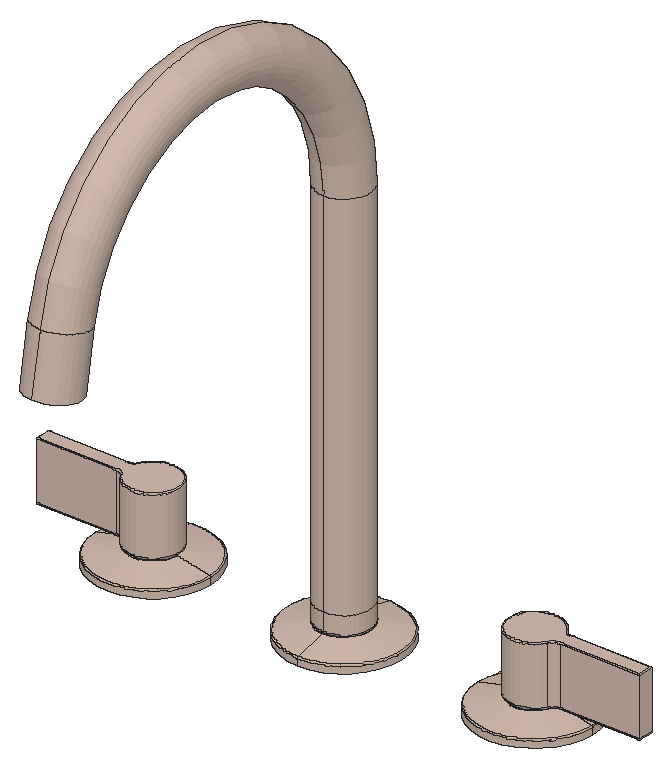
Revit family "Faucet-Deck_Mount-Bath-KOHLER-COMPONENTS-K-24711T", category Plumbing Fixtures, host Face, Revit 2017
Family settings
  Host = Face
  Round Connector Dimension = Use Diameter
  Part Type = Normal
  OmniClass Number = 23.31.11.00
  OmniClass Title = Faucets
  Cut with Voids When Loaded = No
  Shared = No
  Room Calculation Point = No
Parameters (values of type "3RS-Polished_Nickel")
  WaterSense Certified = 1 = 0  # no
  Waste Water Outlet = "Waste Water Outlet"  # constant formula
  Waste Connection = 1 = 0  # no
  Vent Connection = 1 = 0  # no
  URL = "http://www.kohler.com.cn/"
  Type = 1
  Spout Reach = 7.51969"  # constant formula
  Product Page URL = "https://www.kohler.com.cn/product/K-24711T-4-3RS/K-24711T-4-3RS/"
  Product Name = "COMPONENTS"  # constant formula
  Product Documentation Link = "https://files.kohler.com.cn/pdfs/1571989108559_1343641-2-A(24711T-4).pdf"
  Pressure = 0.00 psi
  Model = if(Type = 1, "K-24711T-3RS", if(Type = 2, "K-24711T-3TR", if(Type = 3, "K-24711T-3GC", "NA")))  # "K-24711T-3RS"
  Material = "Premium Metal Construction"  # constant formula
  Master Format 2014 Name = "Residential Faucets, Supplies, and Trim"  # constant formula
  Master Format 2014 = "22 41 39"  # constant formula
  Manufacturer Address = "Kohler Beijing Office (100016) 36-2-03-B, No. 88, Liuxiang Road, Beijing"  # constant formula
  Manufacturer = "KOHLER Co."  # constant formula
  Length = Spout Reach  # 7.51969"
  Hot Water Inlet = "Hot Water Inlet"  # constant formula
  Height = 12.57874"  # constant formula
  Handle Clearance = 2.28346"  # constant formula
  HW Connection = 1 = 1  # yes
  Flow Rate = 0 GPM
  Finish = Kohler-Metal-3RS-Vibrant_Ombre_Rose_Gold/Polished_Nickel
  Width [instance] = Faucet Hole Spacing  # 7.87402"
  Faucet Hole Spacing [instance] = 7.87402"
  Environmental Product Declaration = ""
  Drain Included = 1 = 0  # no
  Description = if(Type = 1, "Color magic color double-handle bathtub faucet (platinum spout)", if(Type = 2, "Color phantom color double-handle bathtub faucet (majestic silver spout)", "Painted double-handle bathtub faucet"))  # "Color magic color double-handle bathtub faucet (platinum spout)"
  Default Elevation = 36"
  Declare Label = ""
  Date Modified = "01/18/2021"  # constant formula
  Date Created = "01/18/2021"  # constant formula
  Copyright = "Copyright KOHLER Co."  # constant formula
  Contact Us = "http://www.kohler.com.cn/contact/contact-us/"
  Cold Water Inlet = "Cold Water Inlet"  # constant formula
  CW Connection = 1 = 1  # yes
  Assembly Code = "D2010"
  ADA Compliant = 1 = 0  # no
Types (4): name | Type | Product Page URL | Model | Finish | Width | Faucet Hole Spacing | Description
  (no name) | 1 | "https://www.kohler.com.cn/product/K-24711T-4-3RS/K-24711T-4-3RS/" | "K-24711T-3RS" | Kohler-Metal-3RS-Vibrant_Ombre_Rose_Gold/Polished_Nickel | 7.87402" | 7.87402" | "Color magic color double-handle bathtub faucet (platinum spout)"
  3TR-Rose Gold | 2 | "https://www.kohler.com.cn/product/K-24711T-4-3RS/K-24711T-4-3TR/" | "K-24711T-3TR" | Kohler-Metal-3TR-Vibrant_Ombre_Titanium/Rose_Gold | 15 191/256" | 15 191/256" | "Color phantom color double-handle bathtub faucet (majestic silver spout)"
  3RS-Polished_Nickel | 1 | "https://www.kohler.com.cn/product/K-24711T-4-3RS/K-24711T-4-3RS/" | "K-24711T-3RS" | Kohler-Metal-3RS-Vibrant_Ombre_Rose_Gold/Polished_Nickel | 7.87402" | 7.87402" | "Color magic color double-handle bathtub faucet (platinum spout)"
  3GC-Black_Gold | 3 | "https://www.kohler.com.cn/product/K-24711T-4-3RS/K-24711T-4-3GC/" | "K-24711T-3GC" | Kohler-Metal-3GC-Black_Gold | 15 191/256" | 15 191/256" | "Painted double-handle bathtub faucet"
Reference planes (in)
  plane 1 "Center (Front/Back)": y = 0
  plane 2: z = 0
  plane 3 "Center (Left/Right)": x = 0
  plane 4: x = -3.9370079
  plane 5: x = 3.9370079
  plane 6: x = -1.1811024
  plane 7: x = 1.1811024
  plane 8: z = 0.3138984
  plane 9: x = -2.7559055
  plane 10: x = -5.1181102
  plane 11: x = 2.7559055
  plane 12: x = 5.1181102
  plane 13: x = -6.2204724
  plane 14: x = 6.2204724
  plane 15: z = 7.8346457
  plane 16: y = -7.519685
  plane 17: z = 1.5748031
  plane 18: z = 12.5787402
Dimensions and locks (in)
  equal spacing: plane 4, plane 3 "Center (Left/Right)", plane 5
  "Faucet Hole Spacing": plane 4 to plane 5
  equal spacing: plane 9, plane 4, plane 10
  locked: plane 9 to plane 10 at 2.3622047
  equal spacing: plane 11, plane 5, plane 12
  locked: plane 11 to plane 12 at 2.3622047
  "Handle Clearance": plane 13 to plane 4
  "Handle Clearance": plane 14 to plane 5
  "Height": plane 18 to plane 2
  "Spout Reach": plane 1 "Center (Front/Back)" to plane 16
  locked: plane 15 to plane 2 at 7.8346457
  locked: plane 17 to plane 2 at 1.5748031
  aligned and locked: plane 2 to host face
  aligned and locked: level to host face
  aligned and locked: nested 2 to plane 4
  aligned and locked: plane 5 to nested 3
Automatic sketch dimensions
  host sketch curve to host sketch curve = 96"  (x2)
Nested families (in)
  nested 1: "K-24711T_Spout" at (0, 0, 0), type "K-24711T_Spout"
  nested 2: "K-24711T_Handle" at (-3.9370079, 0, 0), type "K-24711T_Handle"
  nested 3: "K-24711T_Handle" at (3.9370079, 0, 0) x (-1, 0, 0) z (0, 0, 1), type "K-24711T_Handle"
Connectors (in)
  piping at (3.9370079, 0, 0), diameter 0.5, driven by "CW Connection", driven by "Cold Water Inlet"
    settings: on nested 3, index 1, connector inside diameter 24", connector length 0", flow factor 0, pipe flow 0 GPM, pressure drop 0.00 psi, fitting loss kfactor 0, connector angle 0.00°, fixture units 0, engagement length 0", angle of deflection 0.00°, flow configuration 0, flow direction 1, fitting loss method 0, system type 20, joint type 0, gender type 0, connector reference index -1, connector utility 1, adjustable connector no, is connector primary yes, connector description "Cold Water Inlet"
  piping at (-3.9370079, 0, 0), diameter 0.5, driven by "HW Connection", driven by "Hot Water Inlet"
    settings: on nested 2, index 2, connector inside diameter 24", connector length 0", flow factor 0, pipe flow 0 GPM, pressure drop 0.00 psi, fitting loss kfactor 0, connector angle 0.00°, fixture units 0, engagement length 0", angle of deflection 0.00°, flow configuration 0, flow direction 1, fitting loss method 0, system type 19, joint type 0, gender type 0, connector reference index -1, connector utility 1, adjustable connector no, is connector primary no, connector description "Hot Water Inlet"
Definition of nested family "K-24711T_Spout"
  Parameters (values of type "K-24711T_Spout")
    Material = none
  Reference planes (in)
    plane 1 "Center (Front/Back)": y = 0
    plane 2: z = 0
    plane 3 "Center (Left/Right)": x = 0
    plane 4: y = 1.1811024
    plane 5: y = -1.1811024
    plane 6: z = 12.0472441
    plane 7: y = -7.519685
    plane 8: z = 7.8346457
    plane 9: x = -1.1811024
    plane 10: x = 1.1811024
    plane 11: x = -0.5314961
    plane 12: x = 0.5314961
    plane 13: y = 0.5321162
    plane 14: y = -0.5321162
    plane 15: z = 12.5787402
    plane 16: z = 11.515748
    plane 17: y = -8.0349735
    plane 18: z = 0.1612846
    plane 19: z = 0.3138984
  Forms (in)
    Revolve 1, solid, material <- "Material", detail levels medium+fine
      sketch origin (0, 0, 0) x (0, 1, 0) y (0, 0, 1)
        loop
          line (1.1875, 0) -> (1.1875, 0.1333569)
          arc (1.1875, 0.1333569) -> (1.1813079, 0.1511627) -> (1.1654039, 0.1612846) r 0.0286973
          line (1.1654039, 0.1612846) -> (0.5414004, 0.3087789)
          arc (0.5414004, 0.3087789) -> (0.5260261, 0.3118648) -> (0.5104777, 0.3138984) r 0.2305218
          arc (0.5104777, 0.3138984) -> (0.5258376, 0.320892) -> (0.5321162, 0.3365578) r 0.0226834
          line (0.5321162, 0.3365578) -> (0.5321162, 0.7029451) -> (0, 0.7029451) -> (0, 0) -> (1.1875, 0)
        axis (0, 0) -> (0, 0.7029451)
      angle from 0 to 360
    Sweep 2, solid, material <- "Material", detail levels medium+fine
      path origin (0, 0, 0) x (0, 1, 0) y (0, 0, 1)
        loop
          line (-7.5113768, 7.8225146) -> (-7.2981244, 9.0319289)
          arc (-7.2981244, 9.0319289) -> (-3.356522, 12.0564268) -> (0, 8.3934257) r 3.6769931
          line (0, 8.3934257) -> (0, 0.7029451)
      profile origin (0, -7.5113768, 7.8225146) x (0, -0.984808, 0.173648) y (1, 0, 0)
        loop
          circle (0, 0) r 0.5321162
    Revolve 3, solid, material <- "Material", detail levels coarse
      sketch origin (0, 0, 0) x (1, 0, 0) y (0, 0, 1)
        loop
          line (0, 2.548859) -> (-0.5703378, 2.548859) -> (-0.5703378, 0.4622947) -> (-1.1875, 0.1612846) -> (-1.1875, 0) -> (0, 0) -> (0, 2.548859)
        axis (0, 0) -> (0, 2.548859)
      angle from 0 to 360
    Sweep 4, solid, material <- "Material", detail levels coarse
      path origin (0, 0, 0) x (0, 1, 0) y (0, 0, 1)
        loop
          line (-7.5113768, 7.8225146) -> (-7.3059799, 8.9873782)
          arc (-7.3059799, 8.9873782) -> (-3.3601349, 12.0151316) -> (0, 8.3481878) r 3.6809509
          line (0, 8.3481878) -> (0, 0.7029451)
      profile origin (0, 0, 0.7029451) x (0, -1, 0) y (1, 0, 0)
        loop
          circle (0, 0) r 0.5703378
  Cuts and joins
    joined: Revolve 1, Sweep 2
    joined: Revolve 3, Sweep 4
  Lines and regions (in)
    Masking region 1
      outline origin (0, 0, 0) x (0, 1, 0) y (0, 0, 1)
        loop
          line (1.1811024, 0) -> (1.1811024, 0.134869)
          arc (1.1811024, 0.134869) -> (1.1749103, 0.1526749) -> (1.1590063, 0.1627968) r 0.0286973
          line (1.1590063, 0.1627968) -> (0.5414004, 0.3087789)
          arc (0.5414004, 0.3087789) -> (0.5260261, 0.3118648) -> (0.5104777, 0.3138984) r 0.2305218
          arc (0.5104777, 0.3138984) -> (0.5258376, 0.320892) -> (0.5321162, 0.3365578) r 0.0226834
          line (0.5321162, 0.3365578) -> (0.5321162, 8.3774797)
          arc (0.5321162, 8.3774797) -> (-3.3114186, 12.5719618) -> (-7.8249256, 9.1086261) r 4.2105044
          line (-7.8249256, 9.1086261) -> (-8.0335679, 7.9253563) -> (-6.9901836, 7.7413795) -> (-6.7834792, 8.9136587)
          arc (-6.7834792, 8.9136587) -> (-3.4072162, 11.5043564) -> (-0.5321162, 8.3667353) r 3.1496063
          line (-0.5321162, 8.3667353) -> (-0.5321162, 0.3365578)
          arc (-0.5321162, 0.3365578) -> (-0.5258376, 0.320892) -> (-0.5104777, 0.3138984) r 0.0226834
          arc (-0.5104777, 0.3138984) -> (-0.5260261, 0.3118648) -> (-0.5414004, 0.3087789) r 0.2305218
          line (-0.5414004, 0.3087789) -> (-1.1590063, 0.1627968)
          arc (-1.1590063, 0.1627968) -> (-1.1749103, 0.1526749) -> (-1.1811024, 0.134869) r 0.0286973
          line (-1.1811024, 0.134869) -> (-1.1811024, 0) -> (1.1811024, 0)
    Masking region 2
      outline origin (0, 0, 0) x (1, 0, 0) y (0, 0, 1)
        loop
          line (-1.1811024, 0) -> (1.1811024, 0) -> (1.1811024, 0.134869)
          arc (1.1811024, 0.134869) -> (1.1749103, 0.1526749) -> (1.1590063, 0.1627968) r 0.0286973
          line (1.1590063, 0.1627968) -> (0.5414004, 0.3087789)
          arc (0.5414004, 0.3087789) -> (0.5259143, 0.3118833) -> (0.510252, 0.3139201) r 0.2305218
          arc (0.510252, 0.3139201) -> (0.5253533, 0.3210354) -> (0.5314961, 0.3365578) r 0.0226834
          line (0.5314961, 0.3365578) -> (0.5314961, 12.0464255)
          arc (0.5314961, 12.0464255) -> (0, 12.5779215) -> (-0.5314961, 12.0464255) r 0.5314961
          line (-0.5314961, 12.0464255) -> (-0.5314961, 0.3365578)
          arc (-0.5314961, 0.3365578) -> (-0.5253533, 0.3210354) -> (-0.510252, 0.3139201) r 0.0226834
          arc (-0.510252, 0.3139201) -> (-0.5259143, 0.3118833) -> (-0.5414004, 0.3087789) r 0.2305218
          line (-0.5414004, 0.3087789) -> (-1.1590063, 0.1627968)
          arc (-1.1590063, 0.1627968) -> (-1.1749103, 0.1526749) -> (-1.1811024, 0.134869) r 0.0286973
          line (-1.1811024, 0.134869) -> (-1.1811024, 0)
    Masking region 3
      outline origin (0, 0, 0) x (1, 0, 0) y (0, 1, 0)
        loop
          line (0.5314961, -7.5113768) -> (0.5314961, -1.0547581)
          arc (0.5314961, -1.0547581) -> (0.0006946, 1.1811022) -> (-0.5327363, -1.0541323) r 1.1811024
          line (-0.5327363, -1.0541323) -> (-0.5327363, -7.5113768)
          spline (-0.5327363, -7.5113768) -> (-0.528184, -7.5797767) -> (-0.5146049, -7.6470063) -> (-0.4922314, -7.7119152) -> (-0.4614462, -7.7733928) -> (-0.4227763, -7.8303873) -> (-0.3768831, -7.8819235) -> (-0.3245519, -7.9271194) -> (-0.2666782, -7.9652019) -> (-0.2042522, -7.9955193) -> (-0.1383419, -8.017553) -> (-0.0700752, -8.0309257) -> (-0.0006201, -8.0354089)
          spline (-0.0006201, -8.0354089) -> (0.068835, -8.0309257) -> (0.1371017, -8.017553) -> (0.2030119, -7.9955193) -> (0.265438, -7.9652019) -> (0.3233117, -7.9271194) -> (0.3756428, -7.8819235) -> (0.421536, -7.8303873) -> (0.460206, -7.7733928) -> (0.4909911, -7.7119152) -> (0.5133646, -7.6470063) -> (0.5269437, -7.5797767) -> (0.5314961, -7.5113768)
    symbolic lines, detail levels medium+fine
      curve 1: spline (0, 0, 7.7424168) -> (0.1377218, 0, 7.7455653) -> (0.2660581, 0, 7.7547962) -> (0.376263, 0, 7.7694804) -> (0.4608261, 0, 7.7886173) -> (0.5139848, 0, 7.8109027) -> (0.5321162, 0, 7.8348178) -> (0.5139848, 0, 7.8587329) -> (0.4608261, 0, 7.8810183) -> (0.376263, 0, 7.9001552) -> (0.2660581, 0, 7.9148394) -> (0.1377218, 0, 7.9240703) -> (0, 0, 7.9272188)
      curve 2: spline (0, 0, 7.9272188) -> (-0.1377218, 0, 7.9240703) -> (-0.2660581, 0, 7.9148394) -> (-0.376263, 0, 7.9001552) -> (-0.4608261, 0, 7.8810183) -> (-0.5139848, 0, 7.8587329) -> (-0.5321162, 0, 7.8348178) -> (-0.5139848, 0, 7.8109027) -> (-0.4608261, 0, 7.7886173) -> (-0.376263, 0, 7.7694804) -> (-0.2660581, 0, 7.7547962) -> (-0.1377218, 0, 7.7455653) -> (0, 0, 7.7424168)
      curve 3: line (-0.510252, 0, 0.3139201) -> (0.510252, 0, 0.3139201)
      curve 4: line (-1.1636178, 0, 0.1612846) -> (1.1636178, 0, 0.1612846)
      curve 5: line (0, 0.5104777, 0.3138984) -> (0, -0.5104777, 0.3138984)
      curve 6: line (0, 1.1636178, 0.1612846) -> (0, -1.1636178, 0.1612846)
      curve 7: line (-0.5314961, -1.0616129, 0) -> (-0.5314961, 0.0057467, 0)
      curve 8: line (0.5314961, -1.0616129, 0) -> (0.5314961, 0.0057467, 0)
      curve 9: arc (0.5314961, -0.8470608, 0) -> (0, 1, 0) -> (-0.5314961, -0.8470608, 0) r 1
      curve 10: arc (-0.5314961, 0.0057467, 0) -> (0, 0.5372427, 0) -> (0.5314961, 0.0057467, 0) r 0.5314961
  Dimensions and locks (in)
    plane 6 to level = 12.04724"
    plane 1 "Center (Front/Back)" to plane 7 = 7.51969"
    plane 8 to level = 7.83465"
    plane 9 to plane 10 = 2.3622"
    plane 5 to plane 4 = 2.3622"
    aligned and locked: plane 2 to level
Definition of nested family "K-24711T_Handle"
  Parameters (values of type "K-24711T_Handle")
    Material = none
  Reference planes (in)
    plane 1 "Center (Front/Back)": y = 0
    plane 2: z = 0
    plane 3 "Center (Left/Right)": x = 0
    plane 4: x = 0.5329117
    plane 5: x = -2.282049
    plane 6: x = 1.1811024
    plane 7: y = 1.1811024
    plane 8: y = -1.1811024
    plane 9: x = -1.1811024
    plane 10: z = 1.5748031
  Forms (in)
    Revolve 1, solid, material <- "Material", detail levels medium+fine
      sketch origin (0, 0, 0) x (1, 0, 0) y (0, 0, 1)
        loop
          line (1.1811024, 0) -> (1.1811024, 0.1382291)
          arc (1.1811024, 0.1382291) -> (1.1759986, 0.1528441) -> (1.1629063, 0.1611047) r 0.0234773
          line (1.1629063, 0.1611047) -> (0.5035854, 0.313321) -> (0.4464249, 0.313321)
          arc (0.4464249, 0.313321) -> (0.4101686, 0.324551) -> (0.3866077, 0.3543087) r 0.0641423
          line (0.3866077, 0.3543087) -> (0, 0.3543087) -> (0, 0) -> (1.1811024, 0)
        axis (0, 0.3543087) -> (0, 0)
      angle from 0 to 360
    Sweep 2, solid, material <- "Material", detail levels medium+fine
      path origin (0, 0, 0) x (1, 0, 0) y (0, 1, 0)
        loop
          arc (-0.4674635, -0.2558764) -> (0.5329117, 0) -> (-0.4674635, 0.2558764) r 0.5329117
          arc (-0.4674635, 0.2558764) -> (-0.5397781, 0.1810481) -> (-0.6401382, 0.1535433) r 0.1968504
          line (-0.6401382, 0.1535433) -> (-2.281349, 0.1535433) -> (-2.281349, -0.1535433) -> (-0.6401382, -0.1535433)
          arc (-0.6401382, -0.1535433) -> (-0.5397781, -0.1810481) -> (-0.4674635, -0.2558764) r 0.1968504
      profile origin (-2.281349, 0, 0) x (1, 0, 0) y (0, 0, 1)
        loop
          arc (0.0189851, 1.5748031) -> (0.0050657, 1.5690375) -> (-0.0006999, 1.5551181) r 0.019685
          line (-0.0006999, 1.5551181) -> (-0.0006999, 0.3750913)
          arc (-0.0006999, 0.3750913) -> (0.0053872, 0.3603958) -> (0.0200827, 0.3543087) r 0.0207826
          line (0.0200827, 0.3543087) -> (0.1080594, 0.3543087) -> (0.1080594, 1.5748031) -> (0.0189851, 1.5748031)
    Extrusion 3, solid, material <- "Material", detail levels medium+fine
      sketch origin (0, 0, 0) x (1, 0, 0) y (0, 1, 0)
        loop
          arc (-0.3726751, 0.2039919) -> (-0.4846862, 0.0880873) -> (-0.6401382, 0.0454839) r 0.3049098
          line (-0.6401382, 0.0454839) -> (-2.1732897, 0.0454839) -> (-2.1732897, -0.0454839) -> (-0.6401382, -0.0454839)
          arc (-0.6401382, -0.0454839) -> (-0.4846862, -0.0880873) -> (-0.3726751, -0.2039919) r 0.3049098
          arc (-0.3726751, -0.2039919) -> (0.4248523, 0) -> (-0.3726751, 0.2039919) r 0.4248523
      from 0.3543087 to 1.5748031
    Revolve 4, solid, material <- "Material", detail levels coarse
      sketch origin (0, 0, 0) x (1, 0, 0) y (0, 0, 1)
        loop
          line (0, 0) -> (1.1811024, 0) -> (1.1811024, 0.3297024) -> (0.5329117, 0.3297024) -> (0.5329117, 1.5748031) -> (0, 1.5748031) -> (0, 0)
        axis (0, 1.5748031) -> (0, 0)
      angle from 0 to 360
    Extrusion 5, solid, material <- "Material", detail levels coarse
      sketch origin (0, 0, 0) x (1, 0, 0) y (0, 1, 0)
        loop
          line (-2.2823339, 0.1606716) -> (-2.2823339, -0.1620747) -> (-0.3920088, -0.1620747) -> (-0.3920088, 0.1606716) -> (-2.2823339, 0.1606716)
      from 0.3543087 to 1.5748031
    Extrusion 6, solid, material <- "Material", detail levels medium+fine
      sketch origin (0, 0, 0) x (1, 0, 0) y (0, 1, 0)
        loop
          circle (0, 0) r 0.1377953
      from 0 to 0.0508717
  Cuts and joins
    joined: Revolve 1, Sweep 2, Extrusion 3
    joined: Revolve 4, Extrusion 5
  Lines and regions (in)
    Masking region 1
      outline origin (0, 0, 0) x (1, 0, 0) y (0, 0, 1)
        loop
          line (1.1811024, 0) -> (1.1811024, 0.1348841)
          arc (1.1811024, 0.1348841) -> (1.1750844, 0.1521169) -> (1.1596469, 0.1618572) r 0.0276827
          line (1.1596469, 0.1618572) -> (0.5035854, 0.313321) -> (0.446819, 0.313321)
          arc (0.446819, 0.313321) -> (0.4104, 0.3245403) -> (0.3866077, 0.3543087) r 0.0647193
          line (0.3866077, 0.3543087) -> (0.5329117, 0.3543087) -> (0.5329117, 1.555023)
          arc (0.5329117, 1.555023) -> (0.5271182, 1.5690097) -> (0.5131315, 1.5748031) r 0.0197801
          line (0.5131315, 1.5748031) -> (-2.2623639, 1.5748031)
          arc (-2.2623639, 1.5748031) -> (-2.2762834, 1.5690375) -> (-2.282049, 1.5551181) r 0.019685
          line (-2.282049, 1.5551181) -> (-2.282049, 0.3743176)
          arc (-2.282049, 0.3743176) -> (-2.2761885, 0.3601691) -> (-2.2620401, 0.3543087) r 0.0200089
          line (-2.2620401, 0.3543087) -> (-0.3866077, 0.3543087)
          arc (-0.3866077, 0.3543087) -> (-0.4104, 0.3245403) -> (-0.446819, 0.313321) r 0.0647193
          line (-0.446819, 0.313321) -> (-0.5035854, 0.313321) -> (-1.1596469, 0.1618572)
          arc (-1.1596469, 0.1618572) -> (-1.1750844, 0.1521169) -> (-1.1811024, 0.1348841) r 0.0276827
          line (-1.1811024, 0.1348841) -> (-1.1811024, 0) -> (1.1811024, 0)
    Masking region 2
      outline origin (0, 0, 0) x (0, 1, 0) y (0, 0, 1)
        loop
          line (0, 0) -> (1.1811024, 0) -> (1.1811024, 0.1359941)
          arc (1.1811024, 0.1359941) -> (1.1753878, 0.1523582) -> (1.1607286, 0.1616075) r 0.0262871
          line (1.1607286, 0.1616075) -> (0.5035854, 0.313321) -> (0.4432543, 0.313321)
          arc (0.4432543, 0.313321) -> (0.4082943, 0.3246425) -> (0.3866077, 0.3543087) r 0.0596378
          line (0.3866077, 0.3543087) -> (0.5109021, 0.3543087)
          arc (0.5109021, 0.3543087) -> (0.5271195, 0.3610261) -> (0.533837, 0.3772436) r 0.0229349
          line (0.533837, 0.3772436) -> (0.533837, 1.5551181)
          arc (0.533837, 1.5551181) -> (0.5280714, 1.5690375) -> (0.514152, 1.5748031) r 0.019685
          line (0.514152, 1.5748031) -> (0, 1.5748031) -> (-0.514152, 1.5748031)
          arc (-0.514152, 1.5748031) -> (-0.5280714, 1.5690375) -> (-0.533837, 1.5551181) r 0.019685
          line (-0.533837, 1.5551181) -> (-0.533837, 0.3772436)
          arc (-0.533837, 0.3772436) -> (-0.5271195, 0.3610261) -> (-0.5109021, 0.3543087) r 0.0229349
          line (-0.5109021, 0.3543087) -> (-0.3866077, 0.3543087)
          arc (-0.3866077, 0.3543087) -> (-0.4082943, 0.3246425) -> (-0.4432543, 0.313321) r 0.0596378
          line (-0.4432543, 0.313321) -> (-0.5035854, 0.313321) -> (-1.1607286, 0.1616075)
          arc (-1.1607286, 0.1616075) -> (-1.1753878, 0.1523582) -> (-1.1811024, 0.1359941) r 0.0262871
          line (-1.1811024, 0.1359941) -> (-1.1811024, 0) -> (0, 0)
    Masking region 3
      outline origin (0, 0, 0) x (1, 0, 0) y (0, 1, 0)
        loop
          arc (-1.1709639, -0.1544224) -> (1.1811024, 0) -> (-1.1709639, 0.1544224) r 1.1811024
          line (-1.1709639, 0.1544224) -> (-2.2616922, 0.1544224)
          arc (-2.2616922, 0.1544224) -> (-2.2760866, 0.14846) -> (-2.282049, 0.1340656) r 0.0203567
          line (-2.282049, 0.1340656) -> (-2.282049, -0.1347373)
          arc (-2.282049, -0.1347373) -> (-2.2762834, -0.1486568) -> (-2.2623639, -0.1544224) r 0.019685
          line (-2.2623639, -0.1544224) -> (-1.1709639, -0.1544224)
    symbolic lines, detail levels medium+fine
      curve 1: line (-0.4814939, 0, 0.3543087) -> (0.3866077, 0, 0.3543087)
      curve 2: line (-0.446819, 0, 0.313321) -> (0.446819, 0, 0.313321)
      curve 3: line (-1.1596469, 0, 0.1618572) -> (1.1596469, 0, 0.1618572)
      curve 4: line (-0.4814939, 0, 0.3543087) -> (-0.4814939, 0, 1.5748031)
      curve 5: line (-0.6783443, 0, 1.5748031) -> (-0.6783443, 0, 0.3543087)
      curve 6: line (0, -1.1607286, 0.1616075) -> (0, 1.1607286, 0.1616075)
      curve 7: line (0, 0.3866077, 0.3543087) -> (0, -0.3866077, 0.3543087)
      curve 8: line (0, 0.4432543, 0.313321) -> (0, -0.4432543, 0.313321)
      curve 9: line (0, -0.1542432, 1.5551181) -> (0, -0.1542432, 0.3750913)
      curve 10: arc (0, -0.1542432, 1.5551181) -> (0, -0.1484776, 1.5690375) -> (0, -0.1345582, 1.5748031) r 0.019685
      curve 11: arc (0, -0.1334606, 0.3543087) -> (0, -0.1481562, 0.3603958) -> (0, -0.1542432, 0.3750913) r 0.0207826
      curve 12: arc (0, 0.1334606, 0.3543087) -> (0, 0.1481562, 0.3603958) -> (0, 0.1542432, 0.3750913) r 0.0207826
      curve 13: line (0, 0.1542432, 0.3750913) -> (0, 0.1542432, 1.5551181)
      curve 14: arc (0, 0.1542432, 1.5551181) -> (0, 0.1484776, 1.5690375) -> (0, 0.1345582, 1.5748031) r 0.019685
      curve 15: arc (-0.4635185, -0.2600743, 0) -> (0.5314895, 0.0026313, 0) -> (-0.4660709, 0.255472, 0) r 0.5314961
      curve 16: line (-1.1709639, 0.1544224, 0) -> (-0.6402642, 0.1544224, 0)
      curve 17: arc (-0.6402642, 0.1544224, 0) -> (-0.5395737, 0.1815135, 0) -> (-0.4660709, 0.255472, 0) r 0.2006654
      curve 18: line (-1.1709639, -0.1544224, 0) -> (-0.6402642, -0.1544224, 0)
      curve 19: arc (-0.6402642, -0.1544224, 0) -> (-0.5373063, -0.1828488, 0) -> (-0.4635185, -0.2600743, 0) r 0.2006654
  Dimensions and locks (in)
    aligned and locked: plane 2 to level
    aligned and locked: Extrusion 3 to Sweep 2
